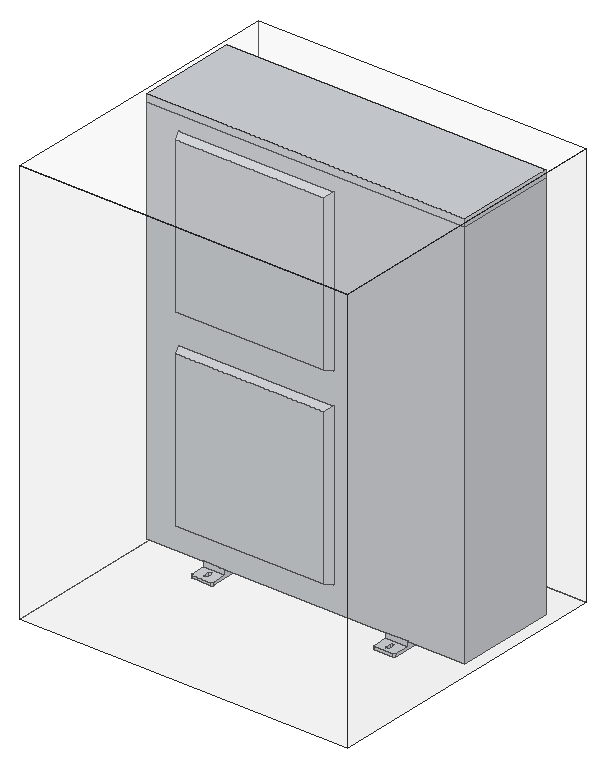
Revit family "puz-hrmp80160ka8_50hz", category 機械設備, Revit 2019 (continued)
Definition of nested family "PUZ-ZRMP-3"
  Dimensions and locks
    aligned and locked: plane 50 to curve 2
    aligned and locked: plane 50 to curve 20
    aligned and locked: plane 57 to Extrusion 5 sketch curve
    aligned and locked: plane 53 to Extrusion 5 sketch curve
    aligned and locked: plane 58 to Extrusion 6 sketch curve
    aligned and locked: plane 56 to Extrusion 6 sketch curve
    aligned and locked: plane 61 to Extrusion 7 sketch curve
    aligned and locked: plane 54 to Extrusion 7 sketch curve
    aligned and locked: plane 55 to Extrusion 7
    aligned and locked: Extrusion 7 to plane 62
    aligned and locked: plane 64 to Extrusion 6
    aligned and locked: plane 63 to Extrusion 5
    aligned and locked: Extrusion 6 to plane 60
    aligned and locked: Extrusion 5 to plane 59
    aligned and locked: plane 66 to Extrusion 8 sketch curve
    aligned and locked: plane 65 to Extrusion 8 sketch curve
    aligned and locked: Extrusion 8 to plane 60
    aligned and locked: plane 64 to Extrusion 8
    aligned and locked: Blend 9 sketch curve to plane 71
    aligned and locked: Blend 9 sketch curve to plane 72
    aligned and locked: Blend 9 sketch curve to plane 42
    aligned and locked: Blend 9 sketch curve to plane 41
    aligned and locked: plane 45 to Blend 9 sketch curve
    aligned and locked: Blend 9 sketch curve to plane 46
    aligned and locked: Blend 9 sketch curve to plane 73
    aligned and locked: plane 74 to Blend 9 sketch curve
    aligned and locked: Blend 9 to plane 8
    aligned and locked: plane 38 to Blend 9
    aligned and locked: plane 22 to Extrusion 10 sketch curve
    aligned and locked: plane 21 to Extrusion 10 sketch curve
    aligned and locked: Extrusion 10 sketch curve to Extrusion 1  (x4)
    aligned and locked: Extrusion 10 sketch curve to plane 23
    aligned and locked: Extrusion 10 sketch curve to plane 20
    aligned and locked: plane 24 to Extrusion 10
    aligned and locked: Extrusion 10 to level
    aligned and locked: plane 25 to Extrusion 11
    aligned and locked: Extrusion 11 to plane 26
    aligned and locked: Masking region 1 sketch curve to Extrusion 3  (x4)
    aligned and locked: Masking region 1 sketch curve to cut or joined group of Extrusion 1, Extrusion 10  (x8)
    aligned and locked: Masking region 1 sketch curve to Blend 9  (x3)
    aligned and locked: plane 51 to Extrusion 11 sketch curve
    aligned and locked: plane 52 to Extrusion 11 sketch curve
    aligned and locked: plane 76 to Extrusion 11 sketch curve
    aligned and locked: plane 77 to Extrusion 11 sketch curve
    aligned and locked: plane 78 to Extrusion 11 sketch curve
    aligned and locked: plane 79 to Extrusion 11 sketch curve
    aligned and locked: plane 75 to Extrusion 11 sketch curve  (x4)
  Automatic sketch dimensions
    plane 7 to Extrusion 1 sketch curve = 0 mm  (x2)
    Extrusion 1 sketch curve to plane 18 = 0 mm
    plane 8 to Extrusion 1 sketch curve = 0 mm  (x2)
    Extrusion 1 sketch curve to plane 19 = 0 mm
    Extrusion 1 sketch curve to plane 20 = 0 mm
    Extrusion 1 sketch curve to plane 21 = 0 mm
    curve 187 to curve 188 = 40 mm
    curve 186 to curve 190 = 13.333 mm
    curve 190 to curve 190 = 40 mm
    curve 186 to curve 193 = 0 mm
    curve 186 to curve 188 = 40 mm
    curve 188 to curve 191 = 0 mm
    curve 179 to curve 180 = 40 mm
    curve 178 to curve 182 = 120 mm
    curve 182 to curve 182 = 40 mm
    curve 178 to curve 185 = 0 mm
    curve 178 to curve 180 = 40 mm
    curve 182 to curve 183 = 40 mm
    curve 25 to plane 45 = 0 mm
    curve 24 to plane 45 = 0 mm
    curve 22 to plane 45 = 0 mm
    curve 23 to plane 45 = 0 mm
    curve 26 to plane 45 = 0 mm
    curve 21 to plane 45 = 0 mm
    curve 24 to plane 46 = 0 mm
    curve 25 to plane 46 = 0 mm
    curve 26 to plane 46 = 0 mm
    curve 23 to plane 46 = 0 mm
    curve 22 to plane 46 = 0 mm
    curve 21 to plane 46 = 0 mm
    curve 37 to plane 48 = 0 mm
    curve 52 to plane 48 = 0 mm
    curve 51 to plane 48 = 0 mm
    curve 50 to plane 48 = 0 mm
    curve 49 to plane 48 = 0 mm
    curve 48 to plane 48 = 0 mm
    curve 47 to plane 48 = 0 mm
    curve 46 to plane 48 = 0 mm
    curve 45 to plane 48 = 0 mm
    curve 44 to plane 48 = 0 mm
    curve 43 to plane 48 = 0 mm
    curve 42 to plane 48 = 0 mm
    curve 41 to plane 48 = 0 mm
    curve 27 to plane 48 = 0 mm
    curve 28 to plane 48 = 0 mm
    curve 40 to plane 48 = 0 mm
    curve 39 to plane 48 = 0 mm
    curve 29 to plane 48 = 0 mm
    curve 38 to plane 48 = 0 mm
    curve 30 to plane 48 = 0 mm
    curve 53 to plane 48 = 0 mm
    curve 31 to plane 48 = 0 mm
    curve 36 to plane 48 = 0 mm
    curve 32 to plane 48 = 0 mm
    curve 35 to plane 48 = 0 mm
    curve 33 to plane 48 = 0 mm
    curve 34 to plane 48 = 0 mm
    curve 28 to plane 47 = 0 mm
    curve 41 to plane 47 = 0 mm
    curve 27 to plane 47 = 0 mm
    curve 42 to plane 47 = 0 mm
    curve 31 to plane 47 = 0 mm
    curve 40 to plane 47 = 0 mm
    curve 37 to plane 47 = 0 mm
    curve 39 to plane 47 = 0 mm
    curve 32 to plane 47 = 0 mm
    curve 45 to plane 47 = 0 mm
    curve 36 to plane 47 = 0 mm
    curve 46 to plane 47 = 0 mm
    curve 43 to plane 47 = 0 mm
    curve 47 to plane 47 = 0 mm
    curve 29 to plane 47 = 0 mm
    curve 48 to plane 47 = 0 mm
    curve 30 to plane 47 = 0 mm
    curve 49 to plane 47 = 0 mm
    curve 44 to plane 47 = 0 mm
    curve 50 to plane 47 = 0 mm
    curve 33 to plane 47 = 0 mm
    curve 51 to plane 47 = 0 mm
    curve 35 to plane 47 = 0 mm
    curve 52 to plane 47 = 0 mm
    curve 38 to plane 47 = 0 mm
    curve 53 to plane 47 = 0 mm
    curve 34 to plane 47 = 0 mm
    plane 13 to curve 304 = 138 mm
    curve 304 to plane 46 = 0 mm
    curve 307 to plane 45 = 0 mm
    curve 306 to plane 45 = 0 mm
    curve 303 to plane 45 = 0 mm
    curve 308 to plane 45 = 0 mm
    curve 303 to plane 46 = 0 mm
    curve 306 to plane 46 = 0 mm
    curve 307 to plane 46 = 0 mm
    curve 308 to plane 46 = 0 mm
    curve 309 to plane 45 = 0 mm
    curve 309 to plane 46 = 0 mm
    curve 305 to plane 74 = 0 mm
    curve 305 to plane 73 = 0 mm
    curve 310 to plane 74 = 0 mm
    curve 310 to plane 73 = 0 mm
    curve 311 to plane 73 = 0 mm
    curve 311 to plane 74 = 0 mm
    curve 312 to plane 74 = 0 mm
    curve 312 to plane 73 = 0 mm
    curve 313 to plane 74 = 0 mm
    curve 313 to plane 73 = 0 mm
    curve 314 to plane 73 = 0 mm
    curve 314 to plane 74 = 0 mm
    curve 315 to plane 74 = 0 mm
    curve 315 to plane 73 = 0 mm
    curve 316 to plane 73 = 0 mm
    curve 316 to plane 74 = 0 mm
    curve 317 to plane 74 = 0 mm
    curve 317 to plane 73 = 0 mm
    curve 318 to plane 74 = 0 mm
    curve 318 to plane 73 = 0 mm
    curve 319 to plane 74 = 0 mm
    curve 319 to plane 73 = 0 mm
    curve 320 to plane 74 = 0 mm
    curve 320 to plane 73 = 0 mm
    curve 321 to plane 74 = 0 mm
    curve 321 to plane 73 = 0 mm
    curve 322 to plane 73 = 0 mm
    curve 322 to plane 74 = 0 mm
    curve 323 to plane 73 = 0 mm
    curve 323 to plane 74 = 0 mm
    curve 324 to plane 73 = 0 mm
    curve 324 to plane 74 = 0 mm
    curve 325 to plane 74 = 0 mm
    curve 325 to plane 73 = 0 mm
    curve 326 to plane 74 = 0 mm
    curve 326 to plane 73 = 0 mm
    curve 327 to plane 74 = 0 mm
    curve 327 to plane 73 = 0 mm
    curve 328 to plane 74 = 0 mm
    curve 328 to plane 73 = 0 mm
    curve 329 to plane 74 = 0 mm
    curve 329 to plane 73 = 0 mm
    curve 330 to plane 74 = 0 mm
    curve 330 to plane 73 = 0 mm
    curve 331 to plane 74 = 0 mm
    curve 331 to plane 73 = 0 mm
    curve 332 to plane 73 = 0 mm
    curve 332 to plane 74 = 0 mm
    curve 333 to plane 74 = 0 mm
    curve 333 to plane 73 = 0 mm
    curve 334 to plane 73 = 0 mm
    curve 334 to plane 74 = 0 mm
    curve 335 to plane 74 = 0 mm
    curve 335 to plane 73 = 0 mm
    Extrusion 10 sketch curve to plane 18 = 0 mm  (x2)
    plane 8 to Extrusion 10 sketch curve = 0 mm
    plane 23 to Extrusion 10 sketch curve = 0 mm
    plane 22 to Extrusion 10 sketch curve = 0 mm  (x3)
    plane 16 to Extrusion 10 sketch curve = 0 mm  (x3)
    plane 17 to Extrusion 10 sketch curve = 0 mm  (x3)
    Extrusion 10 sketch curve to plane 15 = 0 mm  (x2)
    Extrusion 10 sketch curve to plane 19 = 0 mm  (x2)
    Extrusion 10 sketch curve to plane 14 = 0 mm  (x2)
    plane 7 to Extrusion 10 sketch curve = 0 mm
    Extrusion 10 sketch curve to plane 18 = 5 mm
    plane 15 to Extrusion 10 sketch curve = 6 mm  (x2)
    plane 19 to Extrusion 10 sketch curve = 5 mm
    Extrusion 10 sketch curve to plane 20 = 5 mm
    plane 14 to Extrusion 10 sketch curve = 6 mm  (x2)
    plane 21 to Extrusion 10 sketch curve = 5 mm
    plane 38 to Extrusion 10 sketch curve = 10 mm  (x2)
    plane 19 to Masking region 1 sketch curve = 0 mm
    plane 21 to Masking region 1 sketch curve = 0 mm
    plane 7 to Masking region 1 sketch curve = 0 mm  (x2)
    Masking region 1 sketch curve to plane 20 = 0 mm
    Masking region 1 sketch curve to plane 18 = 0 mm
    plane 8 to Masking region 1 sketch curve = 0 mm  (x2)
    plane 38 to Masking region 1 sketch curve = 0 mm
    curve 352 to plane 6 = 0 mm
    plane 7 to curve 352 = 0 mm
    curve 353 to plane 18 = 0 mm
    curve 348 to plane 18 = 0 mm
    plane 8 to curve 346 = 0 mm
    curve 354 to plane 19 = 0 mm
    curve 347 to plane 19 = 0 mm
    curve 345 to plane 41 = 0 mm
    plane 38 to curve 344 = 0 mm
    curve 344 to plane 46 = 0 mm
    curve 357 to plane 20 = 0 mm
    curve 343 to plane 20 = 0 mm
    curve 358 to plane 21 = 0 mm
    curve 341 to plane 21 = 0 mm
    curve 339 to plane 45 = 0 mm
    curve 339 to plane 42 = 0 mm
    curve 337 to plane 5 = 0 mm
    plane 22 to curve 354 = 0 mm
    plane 22 to curve 358 = 0 mm
    plane 23 to curve 342 = 0 mm
    plane 23 to curve 347 = 0 mm
    curve 11 to plane 65 = 6 mm
    plane 18 to curve 352 = 28.157 mm
    plane 15 to curve 346 = 0.043 mm
    plane 21 to curve 338 = 11.963 mm
    curve 336 to plane 21 = 9.073 mm
    curve 344 to plane 21 = 22.105 mm
    plane 28 to curve 3 = 5 mm
    curve 3 to plane 45 = 38 mm
    curve 1 to plane 45 = 38 mm
    curve 3 to curve 5 = 0 mm
    curve 4 to plane 29 = 5 mm
    curve 372 to plane 65 = 6 mm
    plane 65 to curve 376 = 9 mm
    curve 12 to plane 65 = 6 mm
    curve 20 to plane 53 = 4 mm
    curve 2 to curve 16 = 15 mm
    plane 51 to curve 15 = 5 mm
Definition of nested family "固定点"
  Parameters (values of type "固定点")
    中心円 = if(W > 599 mm, 12 mm, 10 mm)  # 12 mm
    W = 1000 mm
    D = 1000 mm
  Reference planes
    plane 1 "中心(正面/背面)": y = 0
    plane 2: z = 0
    plane 3 "中心(左/右)": x = 0
    plane 4: x = 1000
    plane 5: y = 1000
  Lines and regions (mm)
    symbolic lines, detail levels fine
      curve 1: circle (0, 1000, 0) r 6 normal (0, 0, 1)
      curve 2: circle (0, 0, 0) r 6 normal (0, 0, 1)
      curve 3: circle (1000, 1000, 0) r 6 normal (0, 0, 1)
      curve 4: circle (1000, 0, 0) r 6 normal (0, 0, 1)
      curve 5: line (-200, 1000, 0) -> (1200, 1000, 0)
      curve 6: line (-200, 0, 0) -> (1200, 0, 0)
      curve 7: line (0, 1200, 0) -> (0, -200, 0)
      curve 8: line (1000, 1200, 0) -> (1000, -200, 0)
  Dimensions and locks
    "W": plane 3 "中心(左/右)" to plane 4
    "D": plane 1 "中心(正面/背面)" to plane 5
    "中心円": diameter of curve 1
    "中心円": diameter of curve 2
    "中心円": diameter of curve 3
    "中心円": diameter of curve 4
    aligned and locked: level to plane 2
    aligned and locked: plane 5 to curve 1
    aligned and locked: plane 3 "中心(左/右)" to curve 1
    aligned and locked: plane 3 "中心(左/右)" to curve 2
    aligned and locked: plane 1 "中心(正面/背面)" to curve 2
    aligned and locked: plane 4 to curve 3
    aligned and locked: plane 5 to curve 3
    aligned and locked: plane 1 "中心(正面/背面)" to curve 4
    aligned and locked: plane 4 to curve 4
    aligned and locked: plane 1 "中心(正面/背面)" to curve 6
    aligned and locked: curve 7 to plane 3 "中心(左/右)"
    aligned and locked: curve 8 to plane 4
  Automatic sketch dimensions
    curve 5 to plane 5 = 0 mm
    curve 6 to plane 3 "中心(左/右)" = 200 mm
    curve 5 to plane 3 "中心(左/右)" = 200 mm
    curve 4 to curve 6 = 200 mm
    curve 3 to curve 5 = 200 mm
    plane 1 "中心(正面/背面)" to curve 8 = 200 mm
    plane 1 "中心(正面/背面)" to curve 7 = 200 mm
    curve 3 to curve 8 = 200 mm
    curve 1 to curve 7 = 200 mm
Types (4, lengths in mm): name | 音響パワーレベル_暖房 (dB) | 音響パワーレベル_冷房 (dB) | 音響パワーレベル(dB) | 電動機出力_圧縮機 | 消費電力_暖房 | 消費電力_冷房 | 消費電力 | 構成品番 | 暖房能力 | 推奨ブレーカー容量 | 冷房能力 | URL
  室外機_PUZ-HRMP80KA8 (-BS_BSG) | 68 | 66 | 68 | 1.5 kW | 1.92 kW | 1.77 kW | 1.92 kW | "PUZ-HRMP80KA8 (-BS,-BSG)" | 8 kW | 30 A | 7.1 kW | "https://www.mitsubishielectric.co.jp/ldg/wink/ssl/top.do"
  室外機_PUZ-HRMP112KA8 (-BS_BSG) | 69 | 66 | 69 | 2.1 kW | 2.69 kW | 2.5 kW | 2.69 kW | "PUZ-HRMP112KA8 (-BS,-BSG)" | 11.2 kW | 30 A | 10 kW | "https://www.mitsubishielectric.co.jp/ldg/wink/ssl/top.do\""
  室外機_PUZ-HRMP140KA8 (-BS_BSG) | 69 | 68 | 69 | 2.7 kW | 3.82 kW | 3.69 kW | 3.82 kW | "PUZ-HRMP140KA8 (-BS,-BSG)" | 14 kW | 40 A | 12.5 kW | "https://www.mitsubishielectric.co.jp/ldg/wink/ssl/top.do"
  室外機_PUZ-HRMP160KA8 (-BS_BSG) | 71 | 69 | 71 | 3.1 kW | 4.49 kW | 4.7 kW | 4.7 kW | "PUZ-HRMP160KA8 (-BS,-BSG)" | 16 kW | 40 A | 14 kW | "https://www.mitsubishielectric.co.jp/ldg/wink/ssl/top.do"
